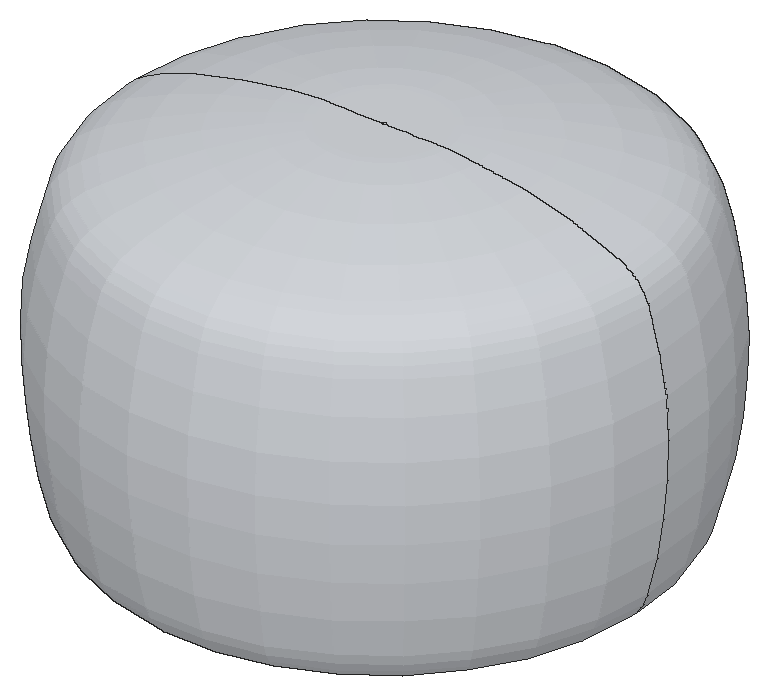
Revit family "FF004", category Furniture Systems, Revit 2019
Family settings
  Round Connector Dimension = Use Diameter
  Part Type = Normal
  Work Plane-Based = No
  Always vertical = Yes
  Cut with Voids When Loaded = No
  Shared = No
  Room Calculation Point = No
Parameters
  URL = "https://fomcore.com/"
  Model = "FF004"
  Manufacturer = "FOMCORE"
  Fom Fabric = none
  Description = "Fōm Filled - 4' Fōm Bean Bag"
Reference planes (in)
  plane 1 "Center F/B": y = 0
  plane 2: z = 0
  plane 3 "Center L/R": x = 0
  plane 4: x = -24
  plane 5: x = 24
  plane 6: y = 17.91112
  plane 7: y = -17.91112
Forms (in)
  Revolve 1, solid, material <- "Fom Fabric"
    sketch origin (-36.75724, 0, 0) x (-1, 0, 0) y (0, 0, -1)
      loop
        line (-36.75724, -30.99163) -> (-36.59983, -30.99163)
        spline (-36.59983, -30.99163) -> (-31.1406, -30.96552) -> (-24.85944, -30.15238) -> (-19.06477, -28.61544) -> (-14.87305, -26.03737) -> (-13.2736, -21.02104) -> (-12.69129, -15.35189) -> (-13.02072, -9.8879) -> (-14.05178, -4.30834) -> (-17.60404, -0.10792) -> (-21.85201, 0) -> (-27.92424, 0) -> (-36.75724, 0)
        line (-36.75724, 0) -> (-36.75724, -30.99163)
      axis (-36.75724, 0) -> (-36.75724, -30.99163)
    angle from 0 to 360
Dimensions and locks (in)
  equal spacing: plane 4, plane 3 "Center L/R", plane 5
  plane 4 to plane 5 = 4' - 0"
  aligned and locked: level to plane 2
Automatic sketch dimensions
  Revolve 1 sketch curve to plane 3 "Center L/R" = 0' - 0"  (x2)
  Revolve 1 sketch curve to level = 0' - 0"
  Revolve 1 sketch curve to plane 3 "Center L/R" = 0' - 0.15741"
  level to Revolve 1 sketch curve = 2' - 6.99163"
  Revolve 1 sketch curve to Revolve 1 sketch curve = 0' - 0.99163"
  Revolve 1 sketch curve to Revolve 1 sketch curve = 0' - 0"
